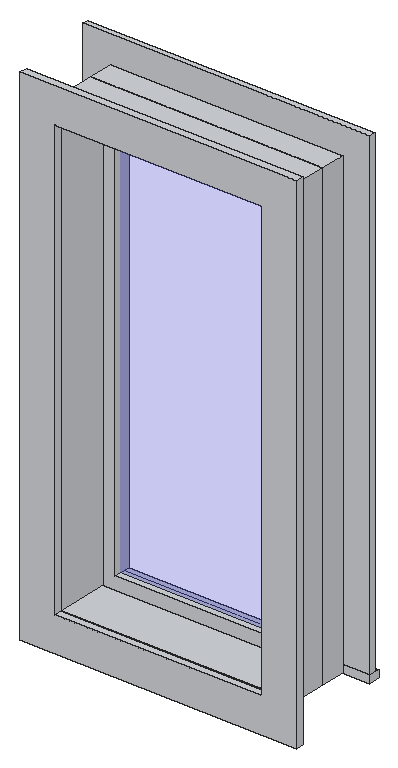
Revit family "单扇平开窗1 - 带贴面", category 窗, Revit 2018
Family settings
  主体 = 墙
  总是垂直 = 是
  加载时剪切的空心 = 否
  共享 = 否
  房间计算点 = 否
Parameters (values of type "600 x 1200mm")
  Visual Light Transmittance = 0.9
  Solar Heat Gain Coefficient = 0.86
  窗台材质 = none
  Rough Width = 宽度  # 600.00 mm
  Rough Height = 高度  # 1200.00 mm
  构造类型 ID = ""
  高窗平面 [instance] = not(通用窗平面)  # no
  传热系数(U) = 5.5617 W/(m²·K)
  玻璃 = none
  高度 = 1200.00 mm
  通用窗平面 [instance] = yes
  框架材质 = none
  默认窗台高度 = 900.00 mm
  贴面材质 = none
  外贴面厚度 = 15.00 mm
  内贴面厚度 = 20.00 mm
  贴面宽度 = 90.00 mm
  墙闭合 = 按主体
  宽度 = 600.00 mm
  窗嵌入 = 20.00 mm
  分析构造 = 大型单层玻璃窗
Reference planes
  plane 1 "ter (前/后)": y = 0
  plane 2: z = 0
  plane 3 "中心(左/右)": x = 0
  plane 4 "左": x = -300
  plane 5 "右": x = 300
  plane 6 "窗台": z = 900
  plane 7 "水头": z = 2100
  plane 8 "外部": y = 100
  plane 9 "内部": y = -100
  plane 10: y = 80
  plane 11 "顶部": z = 1500
  plane 12: x = -280.95
  plane 13: x = -268.25
  plane 14: x = -370.95
  plane 15: x = -358.25
  plane 16: x = 268.25
  plane 17: x = 280.95
  plane 18: x = 358.25
  plane 19: x = 370.95
  plane 20: z = 2170.95
  plane 21: z = 2158.25
  plane 22: z = 2080.95
  plane 23: z = 2068.25
  plane 24: z = 931.75
  plane 25: z = 841.75
  plane 26 "隔板": y = 52
  plane 27: y = 20
  plane 28: y = -20
Forms (mm)
  Extrusion 1, solid, material <- "框架材质"
    sketch origin (0, 0, 0) x (1, 0, 0) y (0, 0, 1)
      loop
        line (-300, 2100) -> (-300, 900) -> (300, 900) -> (300, 2100) -> (-300, 2100)
      loop
        line (-280.95, 2080.95) -> (-280.95, 919.05) -> (280.95, 919.05) -> (280.95, 2080.95) -> (-280.95, 2080.95)
    from -100 to -35.55
  Extrusion 2, solid, material <- "框架材质"
    sketch origin (0, 0, 0) x (-1, 0, 0) y (0, 0, 1)
      loop
        line (-300, 2100) -> (-300, 900) -> (300, 900) -> (300, 2100) -> (-300, 2100)
      loop
        line (-268.25, 2068.25) -> (-268.25, 931.75) -> (268.25, 931.75) -> (268.25, 2068.25) -> (-268.25, 2068.25)
    from 35.55 to -100
  Extrusion 3, solid, material <- "框架材质"
    sketch origin (0, 0, 0) x (-1, 0, 0) y (0, 0, 1)
      loop
        line (-280.95, 2080.95) -> (-280.95, 919.05) -> (280.95, 919.05) -> (280.95, 2080.95) -> (-280.95, 2080.95)
      loop
        line (-236.5, 2036.5) -> (-236.5, 963.5) -> (236.5, 963.5) -> (236.5, 2036.5) -> (-236.5, 2036.5)
    from 35.55 to 80
  Extrusion 4, solid, material <- "玻璃"
    sketch origin (-124.971, 0, -117.036) x (1, 0, 0) y (0, 0, 1)
      loop
        line (-111.529, 2153.536) -> (-111.529, 1080.536) -> (361.471, 1080.536) -> (361.471, 2153.536) -> (-111.529, 2153.536)
    from -64.125 to -51.425
  Extrusion 5, solid, material <- "贴面材质", detail levels fine
    sketch origin (0, 0, 0) x (1, 0, 0) y (0, 0, 1)
      loop
        line (-268.25, 2068.25) -> (-268.25, 931.75) -> (268.25, 931.75) -> (268.25, 2068.25) -> (-268.25, 2068.25)
      loop
        line (-358.25, 2158.25) -> (-358.25, 841.75) -> (358.25, 841.75) -> (358.25, 2158.25) -> (-358.25, 2158.25)
    from 100 to 120
  Extrusion 6, solid, material <- "贴面材质", detail levels fine
    sketch origin (0, 0, 0) x (-1, 0, 0) y (0, 0, 1)
      loop
        line (-280.95, 2080.95) -> (280.95, 2080.95) -> (280.95, 919.05) -> (370.95, 919.05) -> (370.95, 2170.95) -> (-370.95, 2170.95) -> (-370.95, 919.05) -> (-280.95, 919.05) -> (-280.95, 2080.95)
    from 100 to 115
  Extrusion 7, solid, material <- "窗台材质", detail levels fine
    sketch origin (0, 0, 0) x (-1, 0, 0) y (0, 0, 1)
      loop
        line (-370.95, 919.05) -> (-370.95, 900) -> (370.95, 900) -> (370.95, 919.05) -> (-370.95, 919.05)
    from 100 to 127.7
Lines and regions (mm)
  Opening 1
    outline origin (-1524, -100, 0) x (1, 0, 0) y (0, 0, 1)
      loop
        line (1224, 2100) -> (1224, 900) -> (1824, 900) -> (1824, 2100) -> (1224, 2100)
  Masking region 1, visible <- "通用窗平面"
    outline origin (0, 0, 0) x (1, 0, 0) y (0, 1, 0)
      loop
        line (-300, 100) -> (-300, -100) -> (300, -100) -> (300, 100) -> (-300, 100)
  Masking region 2
    outline origin (0, 0, 0) x (0, 1, 0) y (0, 0, 1)
      loop
        line (-100, 2100) -> (-100, 900) -> (100, 900) -> (100, 2100) -> (-100, 2100)
  symbolic lines, style "平/剖面打开方向 - 实线", visible <- "通用窗平面"
    curve 1: line (-300, 100, 0) -> (300, 100, 0)
    curve 2: line (-300, -100, 0) -> (-300, 100, 0)
    curve 3: line (300, -100, 0) -> (-300, -100, 0)
    curve 4: line (300, 100, 0) -> (300, -100, 0)
    curve 5: line (-300, 20, 0) -> (300, 20, 0)
    curve 6: line (300, -20, 0) -> (-300, -20, 0)
  symbolic lines, style "平面打开方向 - 划线", visible <- "高窗平面"
    curve 7: line (-300, 20, 0) -> (300, 20, 0)
    curve 8: line (-300, -20, 0) -> (300, -20, 0)
    curve 9: line (300, 100, 0) -> (300, -100, 0)
    curve 10: line (-300, 100, 0) -> (-300, -100, 0)
  symbolic lines, style "立面打开方向 - 划线"
    curve 11: line (-280.95, 80, 2080.95) -> (280.95, 80, 1500)
    curve 12: line (280.95, 80, 1500) -> (-280.95, 80, 919.05)
  symbolic lines, style "平/剖面打开方向 - 实线"
    curve 13: line (0, -100, 2100) -> (0, 100, 2100)
    curve 14: line (0, -100, 900) -> (0, -100, 2100)
    curve 15: line (0, 100, 900) -> (0, -100, 900)
    curve 16: line (0, 100, 2100) -> (0, 100, 900)
    curve 17: line (0, -20, 2100) -> (0, -20, 900)
    curve 18: line (0, 20, 2100) -> (0, 20, 900)
Text (mm)
  text "EXTERIOR" at (-1437.207, 772.553, 0), in view "参照标高"
  text "INTERIOR" at (-1490.695, -608.643, 0), in view "参照标高"
  text "Exterior" at (0, 1108.87, 3415.022), in view "左"
  text "Exterior" at (0, 464.664, 3176.206), in view "右"
Dimensions and locks
  equal spacing: plane 4 "左", plane 3 "中心(左/右)", plane 5 "右"
  "宽度": plane 4 "左" to plane 5 "右"
  "窗嵌入": plane 8 "外部" to plane 10
  locked: plane 10 to Extrusion 3 at 44.45
  locked: plane 10 to Extrusion 4 at 15.875
  locked: Extrusion 4 to Extrusion 4 at 12.7
  "内贴面厚度": Extrusion 5 to Extrusion 5
  equal spacing: plane 6 "窗台", plane 11 "顶部", plane 7 "水头"
  locked: Extrusion 7 to Extrusion 6 at 12.7
  "外贴面厚度": Extrusion 6 to Extrusion 6
  locked: plane 4 "左" to plane 13 at 31.75
  locked: plane 16 to plane 5 "右" at 31.75
  locked: plane 4 "左" to plane 12 at 19.05
  locked: plane 17 to plane 5 "右" at 19.05
  locked: plane 22 to plane 7 "水头" at 19.05
  "贴面宽度": plane 22 to plane 20
  "贴面宽度": plane 17 to plane 19
  "贴面宽度": plane 14 to plane 12
  locked: plane 7 "水头" to plane 23 at 31.75
  locked: plane 24 to plane 6 "窗台" at 31.75
  "贴面宽度": plane 21 to plane 23
  "贴面宽度": plane 24 to plane 25
  "贴面宽度": plane 15 to plane 13
  "贴面宽度": plane 16 to plane 18
  locked: Extrusion 7 sketch curve to Extrusion 7 sketch curve at 19.05
  "高度": plane 7 "水头" to plane 6 "窗台"
  "默认窗台高度": plane 6 "窗台" to plane 2
  locked: plane 8 "外部" to plane 26 "隔板" at 48
  equal spacing: plane 27, plane 1 "ter (前/后)", plane 28
  locked: plane 27 to plane 28 at 40
  aligned and locked: plane 7 "水头" to Opening 1 sketch curve
  aligned and locked: plane 6 "窗台" to Opening 1 sketch curve  (x2)
  aligned and locked: plane 5 "右" to Opening 1 sketch curve
  aligned and locked: plane 4 "左" to Opening 1 sketch curve
  aligned and locked: plane 9 "内部" to host wall
  aligned and locked: host wall to Extrusion 2
  aligned and locked: plane 10 to Extrusion 3
  aligned and locked: plane 8 "外部" to host wall
  aligned and locked: host wall to Extrusion 1
  aligned and locked: Extrusion 2 to Extrusion 1
  aligned and locked: Extrusion 1 to Extrusion 3
  aligned and locked: Extrusion 4 sketch curve to Extrusion 3  (x4)
  aligned and locked: Extrusion 5 sketch curve to Extrusion 2  (x4)
  aligned and locked: Extrusion 5 to host wall
  aligned and locked: Extrusion 7 sketch curve to Extrusion 6  (x2)
  aligned and locked: Extrusion 6 to host wall
  aligned and locked: Extrusion 7 to host wall
  aligned and locked: Masking region 1 sketch curve to plane 8 "外部"
  aligned and locked: Masking region 1 sketch curve to plane 4 "左"
  aligned and locked: plane 9 "内部" to Masking region 1 sketch curve
  aligned and locked: plane 5 "右" to Masking region 1 sketch curve
  aligned and locked: curve 1 to plane 8 "外部"
  aligned and locked: curve 2 to plane 4 "左"
  aligned and locked: plane 9 "内部" to curve 3
  aligned and locked: curve 5 to plane 27
  aligned and locked: plane 28 to curve 6
  aligned and locked: plane 4 "左" to curve 10
  aligned and locked: plane 5 "右" to curve 9
  aligned and locked: curve 7 to plane 27
  aligned and locked: curve 8 to plane 28
  aligned and locked: plane 22 to curve 11
  aligned and locked: plane 12 to curve 11
  aligned and locked: plane 17 to curve 12
  aligned and locked: plane 11 "顶部" to curve 11
  aligned and locked: plane 12 to curve 12
  aligned and locked: Extrusion 7 to curve 12
  aligned and locked: plane 7 "水头" to Masking region 2 sketch curve
  aligned and locked: plane 9 "内部" to Masking region 2 sketch curve
  aligned and locked: Masking region 2 sketch curve to plane 6 "窗台"
  aligned and locked: Masking region 2 sketch curve to plane 8 "外部"
  aligned and locked: plane 7 "水头" to curve 13
  aligned and locked: plane 9 "内部" to curve 14
  aligned and locked: curve 15 to plane 6 "窗台"
  aligned and locked: curve 16 to plane 8 "外部"
  aligned and locked: curve 17 to plane 28
  aligned and locked: curve 18 to plane 27
Automatic sketch dimensions
  Extrusion 1 sketch curve to plane 4 "左" = 0.00 mm
  Extrusion 1 sketch curve to plane 5 "右" = 0.00 mm
  Extrusion 1 sketch curve to plane 4 "左" = 19.05 mm
  plane 5 "右" to Extrusion 1 sketch curve = 19.05 mm
  Extrusion 1 sketch curve to plane 6 "窗台" = 0.00 mm
  Extrusion 1 sketch curve to plane 7 "水头" = 0.00 mm
  Extrusion 1 sketch curve to plane 6 "窗台" = 19.05 mm
  plane 7 "水头" to Extrusion 1 sketch curve = 19.05 mm
  Extrusion 2 sketch curve to plane 5 "右" = 0.00 mm
  Extrusion 2 sketch curve to plane 4 "左" = 0.00 mm
  plane 5 "右" to Extrusion 2 sketch curve = 31.75 mm
  Extrusion 2 sketch curve to plane 4 "左" = 31.75 mm
  Extrusion 2 sketch curve to plane 6 "窗台" = 0.00 mm
  Extrusion 2 sketch curve to plane 7 "水头" = 0.00 mm
  Extrusion 2 sketch curve to plane 6 "窗台" = 31.75 mm
  plane 7 "水头" to Extrusion 2 sketch curve = 31.75 mm
  plane 5 "右" to Extrusion 3 sketch curve = 19.05 mm
  plane 5 "右" to Extrusion 3 sketch curve = 63.50 mm
  Extrusion 3 sketch curve to plane 4 "左" = 63.50 mm
  Extrusion 3 sketch curve to plane 4 "左" = 19.05 mm
  Extrusion 3 sketch curve to plane 6 "窗台" = 19.05 mm
  Extrusion 3 sketch curve to plane 6 "窗台" = 63.50 mm
  plane 7 "水头" to Extrusion 3 sketch curve = 63.50 mm
  plane 7 "水头" to Extrusion 3 sketch curve = 19.05 mm
  Extrusion 7 sketch curve to plane 14 = 0.00 mm
  Extrusion 5 sketch curve to plane 15 = 0.00 mm
  Extrusion 5 sketch curve to plane 18 = 0.00 mm
  Extrusion 5 sketch curve to plane 25 = 0.00 mm
  Extrusion 5 sketch curve to plane 21 = 0.00 mm
  Extrusion 6 sketch curve to plane 19 = 0.00 mm
  Extrusion 6 sketch curve to plane 17 = 0.00 mm
  Extrusion 6 sketch curve to plane 12 = 0.00 mm
  Extrusion 6 sketch curve to plane 14 = 0.00 mm
  Extrusion 6 sketch curve to plane 22 = 0.00 mm
  Extrusion 6 sketch curve to plane 20 = 0.00 mm
  Extrusion 6 sketch curve to plane 6 "窗台" = 19.05 mm  (x2)
